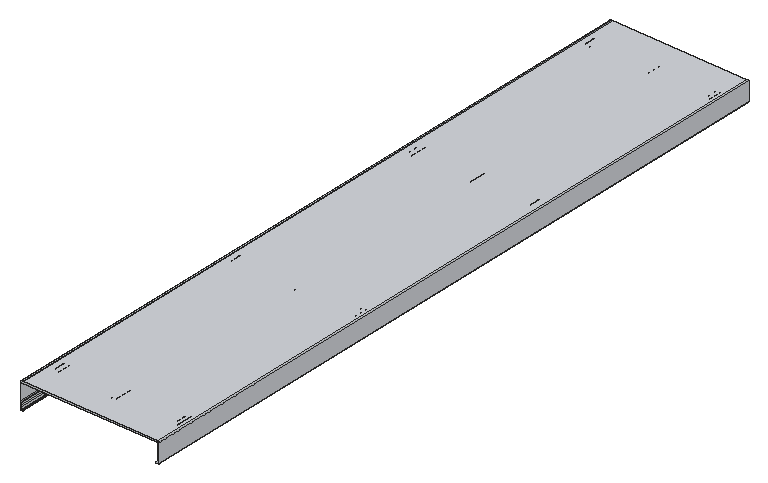
Revit family "AT375", category 一般モデル, Revit 2020
Family settings
  鉄筋をホスト可能 = いいえ
  丸型コネクタ寸法 = 直径を使用
  パーツ タイプ = 標準
  作業面ベース = いいえ
  常に垂直 = はい
  ロード時にボイドで切り取り = いいえ
  共有 = いいえ
  部屋計算ポイント = いいえ
Parameters
  笠木長さ [instance] = 2000 mm
  既定の高さ = 0 mm
  定尺笠木長さ = 4000 mm
  固定金具数 [instance] = 4
  判定 [instance] = if(笠木長さ > 4000 mm, 定尺笠木長さ, 笠木長さ)  # 2000 mm
Reference planes
  plane 1 "中心(正面/背面)": y = 0
  plane 2: z = 0
  plane 3 "中心(左/右)": x = 0
  plane 4: x = 187.5
  plane 5: x = -187.5
  plane 6: z = -43
  plane 7: y = -2000
  plane 8: y = -100
  plane 9: y = -1900
Forms (mm)
  Extrusion 1, solid
    sketch origin (-214.72, 0, -150.757) x (1, 0, 0) y (0, 0, 1)
      loop
        arc (27.22, 108.257) -> (27.366, 107.903) -> (27.72, 107.757) r 0.5
        line (27.72, 107.757) -> (34.22, 107.757)
        arc (34.22, 107.757) -> (34.574, 107.903) -> (34.72, 108.257) r 0.5
        line (34.72, 108.257) -> (34.72, 110.257)
        arc (34.72, 110.257) -> (34.574, 110.61) -> (34.22, 110.757) r 0.5
        line (34.22, 110.757) -> (30.22, 110.757) -> (30.22, 115.757) -> (29.72, 120.757) -> (29.72, 124.503)
        spline (29.72, 124.503) -> (29.768, 124.543) -> (29.813, 124.661) -> (29.852, 124.849) -> (29.882, 125.093) -> (29.9, 125.377) -> (29.907, 125.683) -> (29.9, 125.988) -> (29.882, 126.273) -> (29.852, 126.517) -> (29.813, 126.705) -> (29.768, 126.822) -> (29.72, 126.863)
        line (29.72, 126.863) -> (29.72, 128.612)
        spline (29.72, 128.612) -> (29.768, 128.651) -> (29.813, 128.766) -> (29.852, 128.948) -> (29.882, 129.186) -> (29.901, 129.463) -> (29.907, 129.76) -> (29.901, 130.057) -> (29.882, 130.334) -> (29.852, 130.572) -> (29.813, 130.754) -> (29.768, 130.869) -> (29.72, 130.908)
        line (29.72, 130.908) -> (29.72, 173.073)
        arc (29.72, 173.073) -> (30.334, 174.515) -> (31.8, 175.071) r 2
        line (31.8, 175.071) -> (397.8, 160.431)
        arc (397.8, 160.431) -> (399.162, 159.819) -> (399.72, 158.433) r 2
        line (399.72, 158.433) -> (399.72, 120.771) -> (399.221, 115.772) -> (399.22, 110.757) -> (395.22, 110.757)
        arc (395.22, 110.757) -> (394.866, 110.61) -> (394.72, 110.257) r 0.5
        line (394.72, 110.257) -> (394.72, 108.257)
        arc (394.72, 108.257) -> (394.866, 107.903) -> (395.22, 107.757) r 0.5
        line (395.22, 107.757) -> (401.72, 107.757)
        arc (401.72, 107.757) -> (402.074, 107.903) -> (402.22, 108.257) r 0.5
        line (402.22, 108.257) -> (402.22, 159.874)
        arc (402.22, 159.874) -> (401.383, 161.953) -> (399.34, 162.872) r 3
        line (399.34, 162.872) -> (30.34, 177.632)
        arc (30.34, 177.632) -> (28.141, 176.798) -> (27.22, 174.634) r 3
        line (27.22, 174.634) -> (27.22, 108.257)
    from 0 to 2000
  Extrusion 2, solid, not visible
    sketch origin (0, 0, 0) x (1, 0, 0) y (0, 0, 1)
      loop
        arc (27.22, 108.257) -> (27.366, 107.903) -> (27.72, 107.757) r 0.5
        line (27.72, 107.757) -> (34.22, 107.757)
        arc (34.22, 107.757) -> (34.574, 107.903) -> (34.72, 108.257) r 0.5
        line (34.72, 108.257) -> (34.72, 110.257)
        arc (34.72, 110.257) -> (34.574, 110.61) -> (34.22, 110.757) r 0.5
        line (34.22, 110.757) -> (30.22, 110.757) -> (30.22, 115.757) -> (29.72, 120.757) -> (29.72, 124.503)
        spline (29.72, 124.503) -> (29.768, 124.543) -> (29.813, 124.661) -> (29.852, 124.849) -> (29.882, 125.093) -> (29.9, 125.377) -> (29.907, 125.683) -> (29.9, 125.988) -> (29.882, 126.273) -> (29.852, 126.517) -> (29.813, 126.705) -> (29.768, 126.822) -> (29.72, 126.863)
        line (29.72, 126.863) -> (29.72, 128.612)
        spline (29.72, 128.612) -> (29.768, 128.651) -> (29.813, 128.766) -> (29.852, 128.948) -> (29.882, 129.186) -> (29.901, 129.463) -> (29.907, 129.76) -> (29.901, 130.057) -> (29.882, 130.334) -> (29.852, 130.572) -> (29.813, 130.754) -> (29.768, 130.869) -> (29.72, 130.908)
        line (29.72, 130.908) -> (29.72, 173.073)
        arc (29.72, 173.073) -> (30.334, 174.515) -> (31.8, 175.071) r 2
        line (31.8, 175.071) -> (397.8, 160.431)
        arc (397.8, 160.431) -> (399.162, 159.819) -> (399.72, 158.433) r 2
        line (399.72, 158.433) -> (399.72, 120.771) -> (399.221, 115.772) -> (399.22, 110.757) -> (395.22, 110.757)
        arc (395.22, 110.757) -> (394.866, 110.61) -> (394.72, 110.257) r 0.5
        line (394.72, 110.257) -> (394.72, 108.257)
        arc (394.72, 108.257) -> (394.866, 107.903) -> (395.22, 107.757) r 0.5
        line (395.22, 107.757) -> (401.72, 107.757)
        arc (401.72, 107.757) -> (402.074, 107.903) -> (402.22, 108.257) r 0.5
        line (402.22, 108.257) -> (402.22, 159.874)
        arc (402.22, 159.874) -> (401.383, 161.953) -> (399.34, 162.872) r 3
        line (399.34, 162.872) -> (30.34, 177.632)
        arc (30.34, 177.632) -> (28.141, 176.798) -> (27.22, 174.634) r 3
        line (27.22, 174.634) -> (27.22, 108.257)
    from 0 to 250
Dimensions and locks
  locked: plane 5 to plane 3 "中心(左/右)" at 187.5
  plane 4 to plane 5 = 375 mm
  locked: plane 6 to plane 2 at 43
  "笠木長さ": plane 7 to plane 1 "中心(正面/背面)"
  locked: plane 8 to plane 1 "中心(正面/背面)" at 100
  locked: plane 9 to plane 7 at 100
  locked: plane 8 to nested 1 at 25
  equal spacing: group 2, group 4, group 5, group 3  (x2)
  equal spacing: group 3, group 5, group 4, group 2
  "判定": Extrusion 1 to plane 1 "中心(正面/背面)"
  aligned and locked: level to plane 2
  aligned and locked: Extrusion 1 to plane 5
  aligned and locked: plane 6 to Extrusion 1
  aligned and locked: Extrusion 1 to plane 7
Automatic sketch dimensions
  Extrusion 1 sketch curve to plane 5 = 0 mm
  Extrusion 1 sketch curve to plane 6 = 0 mm  (x2)
  Extrusion 1 sketch curve to plane 4 = 0 mm
  plane 5 to Extrusion 1 sketch curve = 0.5 mm
  plane 5 to Extrusion 1 sketch curve = 2.5 mm
  plane 5 to Extrusion 1 sketch curve = 3 mm
  Extrusion 1 sketch curve to Extrusion 1 sketch curve = 0.5 mm  (x5)
  Extrusion 1 sketch curve to Extrusion 1 sketch curve = 0.12 mm
  Extrusion 1 sketch curve to Extrusion 1 sketch curve = 2 mm  (x3)
  Extrusion 1 sketch curve to Extrusion 1 sketch curve = 1.58 mm
  Extrusion 1 sketch curve to Extrusion 1 sketch curve = 4 mm
  Extrusion 1 sketch curve to Extrusion 1 sketch curve = 0 mm
  Extrusion 1 sketch curve to plane 4 = 7.5 mm
  Extrusion 1 sketch curve to plane 4 = 4.5 mm
  Extrusion 1 sketch curve to Extrusion 1 sketch curve = 0.08 mm
  Extrusion 1 sketch curve to plane 4 = 3 mm
  Extrusion 1 sketch curve to Extrusion 1 sketch curve = 1.42 mm
  Extrusion 1 sketch curve to plane 4 = 2.999 mm
  Extrusion 1 sketch curve to plane 4 = 2.88 mm
  Extrusion 1 sketch curve to plane 4 = 2.5 mm
  Extrusion 1 sketch curve to Extrusion 1 sketch curve = 5 mm  (x3)
  Extrusion 1 sketch curve to Extrusion 1 sketch curve = 5.015 mm
  Extrusion 1 sketch curve to Extrusion 1 sketch curve = 3.746 mm
  Extrusion 1 sketch curve to Extrusion 1 sketch curve = 2.36 mm
  Extrusion 1 sketch curve to Extrusion 1 sketch curve = 1.749 mm
  Extrusion 1 sketch curve to Extrusion 1 sketch curve = 2.296 mm
  level to Extrusion 1 sketch curve = 7.676 mm
  Extrusion 1 sketch curve to Extrusion 1 sketch curve = 1.441 mm
  level to Extrusion 1 sketch curve = 22.316 mm
  Extrusion 1 sketch curve to Extrusion 1 sketch curve = 1.561 mm
Nested families
  nested 1: "ATAF375" at (0, -75, 0), type "ATAF375"
  nested 2: "ATAF375" at (0, -1875, 0), type "ATAF375"
  nested 3: "ATAF375" at (0, -675, 0), type "ATAF375"
  nested 4: "ATAF375" at (0, -1275, 0), type "ATAF375"
Definition of nested family "ATAF375"
  Parameters
    Default Elevation = 0 mm
  Reference planes
    plane 1 "中心(正面/背面)": y = 0
    plane 2: z = 0
    plane 3 "中心(左/右)": x = 0
  Forms (mm)
    Extrusion 1, solid
      sketch origin (-214.72, 0, -147.431) x (1, 0, 0) y (0, 0, 1)
        loop
          line (399.22, 110.757) -> (399.222, 118.784) -> (389.47, 158.281) -> (367.963, 159.07) -> (367.47, 158.019) -> (367.47, 153.881)
          arc (367.47, 153.881) -> (366.973, 152.766) -> (365.811, 152.39) r 1.5
          line (365.811, 152.39) -> (352.205, 153.731) -> (335.574, 153.731) -> (297.15, 153.691) -> (292.29, 150.931) -> (224.72, 150.931) -> (224.72, 153.731) -> (223.22, 153.731) -> (223.22, 150.931) -> (215.67, 150.931) -> (215.67, 162.728) -> (224.72, 162.396) -> (224.72, 164.398) -> (214.72, 164.764) -> (204.72, 165.131) -> (204.72, 163.13) -> (213.77, 162.798) -> (213.77, 150.931) -> (206.22, 150.931) -> (206.22, 153.731) -> (204.72, 153.731) -> (204.72, 150.931) -> (137, 150.971) -> (132.14, 153.731) -> (87.53, 153.731) -> (77.227, 153.729) -> (68.896, 152.707)
          arc (68.896, 152.707) -> (66.151, 153.559) -> (64.97, 156.18) r 3.5
          line (64.97, 156.18) -> (64.967, 163.451) -> (63.97, 170.897) -> (39.97, 172.281) -> (30.22, 117.168) -> (30.22, 110.757) -> (32.469, 110.757) -> (32.476, 113.04) -> (42.733, 163.774)
          arc (42.733, 163.774) -> (44.211, 166.149) -> (46.884, 166.974) r 4
          line (46.884, 166.974) -> (57.714, 166.35)
          arc (57.714, 166.35) -> (59.388, 165.57) -> (60.07, 163.854) r 2.5
          line (60.07, 163.854) -> (60.039, 147.431) -> (372.47, 147.431) -> (372.47, 152.595)
          arc (372.47, 152.595) -> (373.434, 153.729) -> (374.872, 154.113) r 2.5
          line (374.872, 154.113) -> (383.845, 153.784)
          arc (383.845, 153.784) -> (385.879, 153.039) -> (387.085, 151.239) r 3.5
          line (387.085, 151.239) -> (396.97, 115.53) -> (396.97, 110.757) -> (399.22, 110.757)
      from 0 to 50
  Dimensions and locks
    Extrusion 1 to level = 0 mm
    Extrusion 1 to plane 3 "中心(左/右)" = 0 mm
    aligned and locked: level to plane 2
